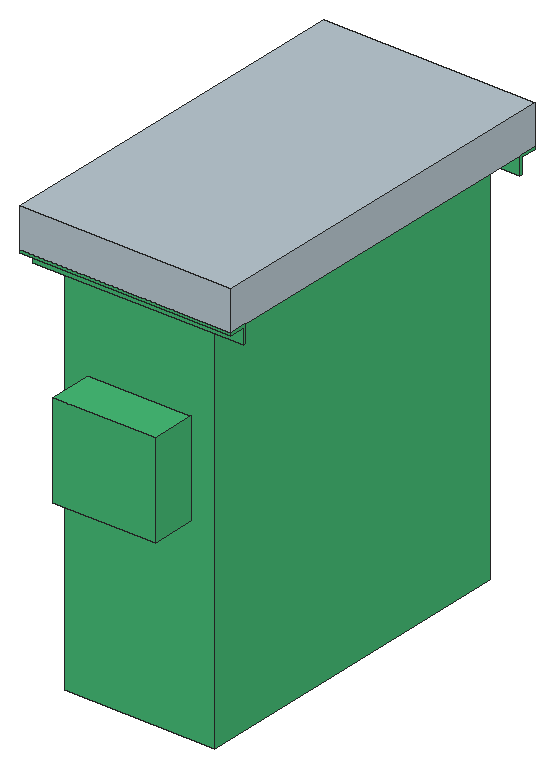
Revit family "Electrical_Equipment-Floor_Box-Hubbell_Wiring-Utility_Box-HBLSCCUBPD", category Electrical Fixtures, host Face, Revit 2015
Parameters (values of type "Painted Galvanized Steel Box")
  Voltage = 0 V
  URL = "http://www.hubbell-wiring.com/"
  Product data url = "https://bimobject.com/hubbellwiring/product/hubbell-hblsccubpd"
  Product Page URL = "http://ecatalog.hubbell-wiring.com/productinformation/viewcatalog.aspx?Dest=hubbell-wiring.com/press/catalog/O.pdf&Page=32"
  Product Documentation Link = "http://ecatalog.hubbell-wiring.com/productinformation/CustomerDrawingLibraryAssets/3A/1%5CM10576.pdf"
  Model = "HBLSCCUBPD"
  Manufacturer = "Hubbell-Wiring"  # constant formula
  Load Classification = Other
  Keynote = ""
  Description = "Steel Convention Center Utility Box with Cover for Power and Data/Communications"
  Default Elevation = 0.000"
  Cover Material = Metal - Hubbell - Aluminum
  Box Material = Metal - Hubbell - Green Finish
  Assembly Code = ""
  Apparent Load = 0 VA
Types (2): name | Model | Description | Box Material
  Painted Galvanized Steel Box | "HBLSCCUBPD" | "Steel Convention Center Utility Box with Cover for Power and Data/Communications" | Metal - Hubbell - Green Finish
  Stainless Steel Box | "HBLSCCUBPDSS" | "Steel Convention Center Utility Box with Cover for Power and Data/Communications in Stainless Steel" | Metal - Hubbell - Steel
Reference planes (in)
  plane 1 "Center (Front/Back)": y = 0
  plane 2: z = 0
  plane 3 "Center (Left/Right)": x = 0
  plane 4: z = -27.5
  plane 5: z = -2.5
  plane 6: z = -9
  plane 7: z = -15
  plane 8: z = -20.75
  plane 9: z = -2.65
  plane 10: z = -3.65
  plane 11: x = -4.78125
  plane 12: x = 4.78125
  plane 13: x = -6.735
  plane 14: x = 6.735
  plane 15: x = -3.28125
  plane 16: x = 3.28125
  plane 17: y = 10.985
  plane 18: y = 12.135
  plane 19: y = 11.135
  plane 20: y = -10.985
  plane 21: y = -12.135
  plane 22: y = -11.135
  plane 23: y = -13.825
  plane 24: y = -8.085
  plane 25: y = -11.755
  plane 26: y = 8.085
  plane 27: y = 11.755
  plane 28: x = -1.69
  plane 29: x = 1.69
  plane 30: y = 11.135
  plane 31: z = 0.01
Forms (in)
  Extrusion 1, solid, material "Metal - Hubbell - Green Finish" <- "Box Material"
    sketch origin (8.03125, 0, 0) x (1, 0, 0) y (0, 0, 1)
      loop
        line (-12.8125, -2.5) -> (-12.8125, -27.5) -> (-3.25, -27.5) -> (-3.25, -2.5) -> (-12.8125, -2.5)
    from -10.985 to 10.985
  Extrusion 2, solid, material "Metal - Hubbell - Aluminum" <- "Cover Material"
    sketch origin (8.005, 0, 0) x (1, 0, 0) y (0, 0, 1)
      loop
        line (-14.74, 0.01) -> (-14.74, -2.5) -> (-1.27, -2.5) -> (-1.27, 0.01) -> (-14.74, 0.01)
    from -12.135 to 12.135
  Extrusion 3, solid, material "Metal - Hubbell - Green Finish" <- "Box Material"
    sketch origin (0, 0, 0) x (0, 1, 0) y (0, 0, 1)
      loop
        line (-12.135, -2.5) -> (-12.135, -2.65) -> (-11.135, -2.65) -> (-11.135, -3.65) -> (-10.985, -3.65) -> (-10.985, -2.5) -> (-12.135, -2.5)
      loop
        line (12.135, -2.5) -> (10.985, -2.5) -> (10.985, -3.65) -> (11.135, -3.65) -> (11.135, -2.65) -> (12.135, -2.65) -> (12.135, -2.5)
    from -6.735 to 6.735
  Extrusion 4, solid, material "Metal - Hubbell - Green Finish" <- "Box Material"
    sketch origin (0, 0, 0) x (0, 1, 0) y (0, 0, 1)
      loop
        line (-10.985, -9) -> (-13.825, -9) -> (-13.825, -15) -> (-10.985, -15) -> (-10.985, -9)
    from -3.28125 to 3.28125
Cuts and joins
  joined: Extrusion 1, Extrusion 4
Lines and regions (in)
  model lines, style "Cover", detail levels medium+fine
    curve 1: line (-1.69, 11.755, 0) -> (-1.69, 8.085, 0)
    curve 2: line (-1.69, 8.085, 0) -> (1.69, 8.085, 0)
    curve 3: line (1.69, 8.085, 0) -> (1.69, 11.755, 0)
    curve 4: line (1.69, 11.755, 0) -> (-1.69, 11.755, 0)
  model lines, style "Model Line", detail levels medium+fine
    curve 5: line (-1.69, -8.085, 0) -> (1.69, -8.085, 0)
    curve 6: line (-1.69, -11.755, 0) -> (-1.69, -8.085, 0)
    curve 7: line (1.69, -11.755, 0) -> (-1.69, -11.755, 0)
    curve 8: line (1.69, -8.085, 0) -> (1.69, -11.755, 0)
  symbolic lines, style "Symbolic Lines"
    curve 9: line (-6.735, 12.135, 0) -> (6.735, 12.135, 0)
    curve 10: line (-6.735, -12.135, 0) -> (-6.735, 12.135, 0)
    curve 11: line (6.735, -12.135, 0) -> (-6.735, -12.135, 0)
    curve 12: line (6.735, 12.135, 0) -> (6.735, -12.135, 0)
    curve 13: line (-3.28125, -13.825, 0) -> (3.28125, -13.825, 0)
    curve 14: line (-3.28125, -12.135, 0) -> (-3.28125, -13.825, 0)
    curve 15: line (3.28125, -13.825, 0) -> (3.28125, -12.135, 0)
    curve 16: line (-4.78125, 0, -27.5) -> (4.78125, 0, -27.5)
    curve 17: line (4.78125, 0, -27.5) -> (4.78125, 0, -3.65)
    curve 18: line (-6.735, 0, 0) -> (-6.735, 0, -3.65)
    curve 19: line (6.735, 0, 0) -> (-6.735, 0, 0)
    curve 20: line (6.735, 0, -3.65) -> (6.735, 0, 0)
    curve 21: line (-4.78125, 0, -3.65) -> (-4.78125, 0, -27.5)
    curve 22: line (-6.735, 0, -3.65) -> (6.735, 0, -3.65)
    curve 23: line (0, 10.985, -27.5) -> (0, -10.985, -27.5)
    curve 24: line (0, 10.985, -2.65) -> (0, 10.985, -27.5)
    curve 25: line (0, -12.135, 0) -> (0, -12.135, -2.65)
    curve 26: line (0, 12.135, 0) -> (0, -12.135, 0)
    curve 27: line (0, 12.135, -2.65) -> (0, 12.135, 0)
    curve 28: line (0, -12.135, -2.65) -> (0, 12.135, -2.65)
    curve 29: line (0, -10.985, -9) -> (0, -13.825, -9)
    curve 30: line (0, -13.825, -15) -> (0, -10.985, -15)
    curve 31: line (0, -13.825, -9) -> (0, -13.825, -15)
    curve 32: line (0, -10.985, -27.5) -> (0, -10.985, -2.65)
  symbolic lines, detail levels medium+fine
    curve 33: line (-3.28125, 0, -9) -> (3.28125, 0, -9)
    curve 34: line (-3.28125, 0, -15) -> (-3.28125, 0, -9)
    curve 35: line (3.28125, 0, -15) -> (-3.28125, 0, -15)
    curve 36: line (3.28125, 0, -9) -> (3.28125, 0, -15)
Dimensions and locks (in)
  locked: plane 2 to plane 4 at 27.5
  locked: plane 2 to plane 5 at 2.5
  locked: plane 2 to plane 6 at 9
  locked: plane 6 to plane 7 at 6
  locked: plane 5 to plane 8 at 18.25
  locked: plane 5 to plane 9 at 0.15
  locked: plane 5 to plane 10 at 1.15
  locked: plane 14 to plane 13 at 13.47
  equal spacing: plane 14, plane 3 "Center (Left/Right)", plane 13, locked at 6.735 each
  equal spacing: plane 12, plane 3 "Center (Left/Right)", plane 11, locked at 4.78125 each
  equal spacing: plane 16, plane 3 "Center (Left/Right)", plane 15, locked at 3.28125 each
  equal spacing: plane 21, plane 1 "Center (Front/Back)", plane 18
  equal spacing: plane 25, plane 1 "Center (Front/Back)", plane 27, locked at 11.755 each
  equal spacing: plane 22, plane 1 "Center (Front/Back)", plane 30, locked at 11.135 each
  equal spacing: plane 20, plane 1 "Center (Front/Back)", plane 17, locked at 10.985 each
  locked: plane 21 to plane 18 at 24.27
  locked: plane 23 to plane 18 at 25.96
  locked: plane 31 to plane 2 at 0.01
  aligned and locked: host face to plane 2
  aligned and locked: level to host face
  aligned and locked: Extrusion 2 to plane 5
  aligned and locked: plane 11 to Extrusion 1
  aligned and locked: Extrusion 1 to plane 12
  aligned and locked: Extrusion 2 to plane 13
  aligned and locked: Extrusion 2 to plane 14
  aligned and locked: Extrusion 3 to plane 13
  aligned and locked: Extrusion 3 to plane 14
  aligned and locked: plane 17 to Extrusion 1  (x2)
  aligned and locked: plane 18 to Extrusion 2  (x3)
  aligned and locked: Extrusion 2 to plane 21
  aligned and locked: Extrusion 3 to plane 21
  aligned and locked: Extrusion 3 to plane 22
  aligned and locked: Extrusion 1 to plane 20
  aligned and locked: plane 20 to Extrusion 3
  aligned and locked: plane 17 to Extrusion 3
  aligned and locked: Extrusion 3 to plane 19
  aligned and locked: Extrusion 3 to plane 18  (x2)
  aligned and locked: Extrusion 3 to plane 9  (x2)
  aligned and locked: plane 5 to Extrusion 3  (x2)
  aligned and locked: Extrusion 3 to plane 10  (x2)
  aligned and locked: plane 24 to curve 5
  aligned and locked: plane 25 to curve 7
  aligned and locked: plane 26 to curve 2
  aligned and locked: curve 4 to plane 27
  aligned and locked: plane 28 to curve 1
  aligned and locked: curve 3 to plane 29
  aligned and locked: Extrusion 1 to plane 4
  aligned and locked: plane 5 to Extrusion 1
  aligned and locked: curve 9 to Extrusion 2
  aligned and locked: curve 10 to Extrusion 2
  aligned and locked: curve 11 to Extrusion 2
  aligned and locked: curve 12 to Extrusion 2
  aligned and locked: curve 16 to Extrusion 1
  aligned and locked: curve 17 to Extrusion 1
  aligned and locked: Extrusion 2 to curve 18
  aligned and locked: curve 20 to Extrusion 2
  aligned and locked: Extrusion 1 to curve 21
  aligned and locked: curve 22 to plane 10
  aligned and locked: curve 23 to Extrusion 1
  aligned and locked: curve 24 to Extrusion 1
  aligned and locked: Extrusion 2 to curve 25
  aligned and locked: curve 27 to Extrusion 2
  aligned and locked: curve 28 to Extrusion 3
  aligned and locked: plane 29 to curve 8
  aligned and locked: plane 28 to curve 6
  aligned and locked: plane 31 to Extrusion 2
  aligned and locked: Extrusion 4 sketch curve to curve 29
  aligned and locked: curve 32 to Extrusion 4 sketch curve
  aligned and locked: Extrusion 4 sketch curve to curve 30
  aligned and locked: Extrusion 4 sketch curve to curve 31
  aligned and locked: Extrusion 4 to plane 15
  aligned and locked: Extrusion 4 to plane 16
  aligned and locked: curve 14 to plane 15
  aligned and locked: curve 13 to plane 23
  aligned and locked: curve 15 to plane 16
  aligned and locked: curve 29 to plane 6
  aligned and locked: plane 23 to curve 31
  aligned and locked: plane 7 to curve 30
  aligned and locked: curve 33 to cut or joined group of Extrusion 1, Extrusion 4
  aligned and locked: curve 34 to cut or joined group of Extrusion 1, Extrusion 4
  aligned and locked: curve 35 to cut or joined group of Extrusion 1, Extrusion 4
  aligned and locked: curve 36 to cut or joined group of Extrusion 1, Extrusion 4
  aligned and locked: plane 2 to curve 19
  aligned and locked: curve 26 to plane 2
Automatic sketch dimensions
  host sketch curve to host sketch curve = 96.000"  (x2)
  Extrusion 1 sketch curve to plane 4 = 0.000"
  Extrusion 1 sketch curve to plane 11 = 0.000"
  Extrusion 1 sketch curve to plane 12 = 0.000"
  plane 5 to Extrusion 1 sketch curve = 0.000"
  Extrusion 3 sketch curve to plane 5 = 0.000"  (x2)
  Extrusion 3 sketch curve to plane 21 = 0.000"
  Extrusion 3 sketch curve to plane 10 = 0.000"  (x2)
  Extrusion 3 sketch curve to plane 22 = 0.000"
  plane 20 to Extrusion 3 sketch curve = 0.000"
  plane 17 to Extrusion 3 sketch curve = 0.000"
  Extrusion 3 sketch curve to plane 19 = 0.000"
  Extrusion 3 sketch curve to plane 9 = 0.000"  (x2)
  Extrusion 3 sketch curve to plane 18 = 0.000"
  Extrusion 2 sketch curve to plane 5 = 0.000"
  Extrusion 2 sketch curve to plane 13 = 0.000"
  Extrusion 2 sketch curve to plane 14 = 0.000"
  plane 31 to Extrusion 2 sketch curve = 0.000"
  curve 14 to plane 21 = 0.000"
  curve 32 to plane 20 = 0.000"
Connectors (in)
  electrical at (0, -13.825, -12), driven by "Load Classification", driven by "Voltage", driven by "Apparent Load"
    settings: on cut or joined group of Extrusion 1, Extrusion 4, index 1, voltage 0 V, apparent load 0 VA, apparent load phase1 0 VA, apparent load phase2 0 VA, apparent load phase3 0 VA, power factor 1, load classification "Other", number of poles 1, system type 30, power factor state 1, is connector primary yes, connector utility no, sub classification motor no, connector description "Power Connector"
  electrical at (0, -13.825, -12)
    settings: on cut or joined group of Extrusion 1, Extrusion 4, index 3, voltage 0 V, apparent load 0 VA, apparent load phase1 0 VA, apparent load phase2 0 VA, apparent load phase3 0 VA, power factor 1, load classification "Other", number of poles 1, system type 5, power factor state 1, is connector primary no, connector utility no, sub classification motor no, connector description "Data Connector"
